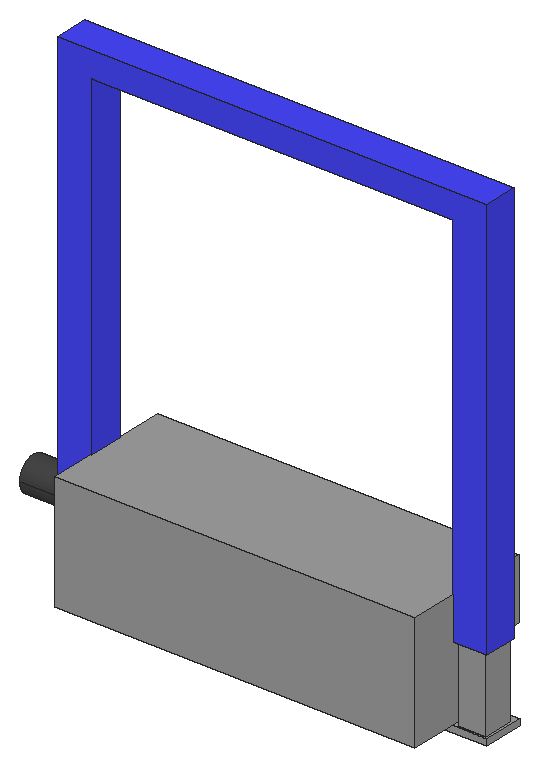
Revit family "Duş için Geberit Duofix elemanı, 50 cm, duvar süzgeci ile, girişte 65–90 mm şap yüksekliği için_PRO_135685", category Plumbing Fixtures, Revit 2018
Family settings
  Round Connector Dimension = Use Diameter
  Part Type = Normal
  OmniClass Number = 23.45.05.00
  OmniClass Title = Sanitary Equipment
  Work Plane-Based = No
  Always vertical = Yes
  Cut with Voids When Loaded = No
  Shared = No
  Room Calculation Point = Yes
Parameters (values of type "111.593.00.1 Duş için Geberit Duofix elemanı, 50 cm, duvar süzgeci ile, girişte 65–90 mm şap yüksekliği için")
  important_information [instance] = "Please consult scope of delivery for items to be ordered additionally"  # constant formula
  Warning [instance] = if(Thickness of finished floor > calc_SH, "max. height adjustment limited to 200", "-")  # "-"
  Type = ""
  Main material 04 = Geberit, PE-HD, Black
  Main material 03 = Geberit, Steel, galvanized
  Main material 02 = Geberit, Laminate, Ivory, Matte
  Main material 01 = Geberit, Steel, Paint Finish, Blue
  Main material = Geberit, Plastic, Opaque white
  H2 [instance] = 500 mm
  GEB_translations = "{\"ATT_10673\":\"EAN code basic data\",\"ATT_10753\":\"Drenaj kapasitesi\",\"ATT_10864\":\"Sifon yüksekliği\",\"applicationPurposes\":\"Application purposes\",\"application_range\":\"Application range\",\"brandName\":\"Brand\",\"characteristics\":\"Characteristics\",\"connection_description1\":\"Connection description 1\",\"GEB_connection_diameter1\":\"Connection diameter 1\",\"connection_type_c01\":\"Connection type at connection 01\",\"content_creator\":\"BIM Content creator\",\"content_date_changed\":\"BIM Content revision date\",\"content_version\":\"BIM Content Version\",\"key 1000\":\"Article number key\",\"name\":\"Name\",\"productBrand\":\"Product brand\",\"scopeOfDelivery\":\"Scope of delivery\",\"type\":\"Type\",\"angle\":\"Angle\",\"placement finished floor\":\"On Finished Floor Level\",\"surface height\":\"Thickness of finished floor\",\"warning\":\"Warning\",\"fixed_material\":\"Main material\",\"fixed_material_01\":\"Main material 01\",\"fixed_material_02\":\"Main material 02\",\"fixed_material_03\":\"Main material 03\",\"fixed_material_04\":\"Main material 04\"}"
  GEB_pimversion = "22.02.12"
  GEB_culture = "tr-TR"
  Connection diameter 1 = 40 mm  # constant formula
  Angle [instance] = 90.00°
  Scope of delivery = "PE-HD bağlantı manşonu, ø 40 mm\nEntegre giriş plakalı şablon kutusu kapağı\nSabitleme malzemesi"
  On Finished Floor Level [instance] = 1 = 1  # yes
  outlet_flow = 0.0 L/s
  Thickness of finished floor [instance] = 0 mm
  enabled [instance] = 1 = 1  # yes
  GEB_Article_Number [instance] = if(LOD300, "n/a", Article number key)  # "111.593.00.1"
  ATT_11289 = ""
  ATT_11288 = ""
  ATT_11287 = ""
  EAN code basic data = "4025416289050"
  frame_btm = 470 mm  # constant formula
  delta [instance] = if(On Finished Floor Level, 0 mm, calc_SH)  # 0 mm
  BIM Content Version = "GEB MG 1.5"  # constant formula
  BIM Content creator = "Geberit"  # constant formula
  cistern_width = 420 mm  # constant formula
  calc_height [instance] = if(not(On Finished Floor Level), H + calc_SH, if(H2 < 500 mm, 500 mm, if(H2 > 800 mm, 800 mm, H2)))  # 500 mm
  Application purposes = "Alçıpan yapılar için\nYarım veya oda yüksekliğinde Geberit Duofix sistem duvarlarına montaj için\nZemin seviyesindeki duşların drenajı için\nKompozit contalar için\nGirişte ≥ 65 mm şap yükseklikleri için"
  Waste Connection = 1 = 1  # yes
  Vent Connection = 0 = 1  # no
  BIM Content revision date = "2021.12.01"  # constant formula
  Connection type at connection 01 = "DN40/ø40 Spigot"  # constant formula
  Connection description 1 = "sanitary out"  # constant formula
  calc_floor_height_distance [instance] = if(not(On Finished Floor Level), 0 mm, if(Thickness of finished floor > 90 mm, 90 mm, if(Thickness of finished floor < 65 mm, 65 mm, Thickness of finished floor)))  # 65 mm
  calc_H1 [instance] = if(1 = 1, 500 mm - H1, 0 mm)  # 535 mm
  Application range = "sanitary systems"  # constant formula
  LOD400 = not(LOD300)  # yes
  LOD300 = no
  HW Connection = 0 = 1  # no
  H1 = -35 mm  # constant formula
  H = 500 mm  # constant formula
  GEB_use_DN = yes
  GEB_reference = "PRO_135685"  # constant formula
  GEB_processing_type = "T"  # constant formula
  GEB_metric_engineering = yes
  GEB_imperial_engineering = not(GEB_metric_engineering)  # no
  GEB_generic_manufacturer = "generic"
  GEB_generic_description = "concealed support frame for shower"
  D = 137 mm  # constant formula
  CW Connection = 1 = 0  # no
  Product brand = "Duofix"
  Sifon yüksekliği = "30 mm"
  calc_SH [instance] = if(Thickness of finished floor > 90 mm, 90 mm, if(Thickness of finished floor < 65 mm, 65 mm, Thickness of finished floor))  # 65 mm
  Model = if(LOD300, "-", Type)  # ""
  bend_angle_start [instance] = if(Angle > 90.00°, 90.00°, if(Angle < -90.00°, -90.00°, Angle))  # 90.00°
  bend_angle_end [instance] = bend_angle_start + 5.00°  # 95.00°
  Name = "Duş için Geberit Duofix elemanı, 50 cm, duvar süzgeci ile, girişte 65–90 mm şap yüksekliği için"
  Brand = "Geberit"
  Characteristics = "EN 1253'ün gerekliliklerinden farklı olarak, sifon yüksekliği sadece 30 mm'dir.\nToz boya kaplı, kendinden destekli çerçeve\nDönebilir ayak plakaları\nAyak plakası derinliği, U profil UW 50 ve Geberit Duofix sistem rayları montajına uygundur\nSifon giriş yüksekliği ayarlanabilir\nKaplama kalınlığı 10–40 mm\nKaro 2–26 mm karo yapıları için uygundur\nKaro 2–35 mm karo yapıları için uygundur\nGerilimsiz sızdırmazlık bağlantısı için ayarlanabilir sızdırmazlık seviyesi\nYan atık su bağlantısı\nÖnceden monte edilmiş izolasyon bezi\nSızdırmazlık sistemleri bağlantısı için 10 cm çevreleyen izolasyon bezi"
  Drenaj kapasitesi = "0.4 l/s"
  Article number key = "111.593.00.1"
  depth_min [instance] = 137 mm  # constant formula
  depth_max [instance] = 500 mm  # constant formula
  calc_depth [instance] = if(or(D < depth_min, D = depth_min), depth_min, if(and(D > depth_min, D < depth_max), D, if(or(D > depth_max, D = depth_max), depth_max, depth_max)))  # 137 mm
  W = 500 mm  # constant formula
  Type Comments = ""
  Manufacturer = if(LOD300, GEB_generic_manufacturer, Brand)  # "Geberit"
  cistern_front_offset = 20.5 mm  # constant formula
  IfcExportType = "USERDEFINED"
  IfcExportAs = "IfcSanitaryTerminal"
  IfcDescription = if(LOD300, GEB_generic_description, Name)  # "Duş için Geberit Duofix elemanı, 50 cm, duvar süzgeci ile, girişte 65–90 mm şap yüksekliği için"
  h1 = 504 mm  # constant formula
  Description = if(LOD300, GEB_generic_description, Name)  # "Duş için Geberit Duofix elemanı, 50 cm, duvar süzgeci ile, girişte 65–90 mm şap yüksekliği için"
Reference planes
  plane 1 "Center (Front/Back)": y = 0
  plane 2: z = 0
  plane 3 "Center (Left/Right)": x = 0
  plane 4 "Back": y = 137
  plane 5 "tank right": x = 210
  plane 6 "tank left": x = -210
  plane 7 "Top": z = 500
  plane 8: y = -150
  plane 9: y = 96.5
  plane 10 "Structural floor": z = -65
  plane 11 "Left": x = -250
  plane 12 "Right": x = 250
  plane 13 "panel plane": y = 20.5
  plane 14 "cw height": z = 470
  plane 15 "outlet plane": z = -35
  plane 16: x = -210
  plane 17: x = 210
  plane 18: y = -54
  plane 19: y = 137
  plane 20 "500": z = 500
Forms (mm)
  Revolve 1, solid, not visible, detail levels fine
    sketch origin (0, 0, 0) x (0, 1, 0) y (0, 0, 1)
      loop
        line (0, -35) -> (-12.5, -35) -> (-12.5, -60) -> (0, -60) -> (0, -35)
      axis (-12.5, -35) -> (0, -35)
    angle from 90 <- "bend_angle_start" to 95 <- "bend_angle_end"
  Extrusion 2, solid, material "Geberit, Steel, Paint Finish, Blue" <- "Main material 01", detail levels fine
    sketch origin (0, 0, 500) x (0, -1, 0) y (1, 0, 0)
      loop
        line (-40, -250) -> (0, -250) -> (0, -210) -> (-40, -210) -> (-40, -250)
      loop
        line (-40, 250) -> (-40, 210) -> (0, 210) -> (0, 250) -> (-40, 250)
    from -470 to 0
  Extrusion 3, solid, material "Geberit, Steel, galvanized" <- "Main material 03", detail levels fine
    sketch origin (0, 0, -65) x (0, -1, 0) y (1, 0, 0)
      loop
        line (-37.5, -247.5) -> (-2.5, -247.5) -> (-2.5, -215) -> (-37.5, -215) -> (-37.5, -247.5)
      loop
        line (-37.5, 247.5) -> (-37.5, 215) -> (-2.5, 215) -> (-2.5, 247.5) -> (-37.5, 247.5)
    from 8 to 195
  Extrusion 4, solid, material "Geberit, Steel, galvanized" <- "Main material 03", detail levels fine
    sketch origin (0, 0, -65) x (0, -1, 0) y (1, 0, 0)
      loop
        line (-48, -250) -> (0, -250) -> (0, -177) -> (-48, -177) -> (-48, -250)
      loop
        line (-48, 250) -> (-48, 177) -> (0, 177) -> (0, 250) -> (-48, 250)
    from 0 to 8
  Extrusion 5, solid, material "Geberit, Steel, Paint Finish, Blue" <- "Main material 01", detail levels fine
    sketch origin (0, 0, 500) x (0, -1, 0) y (1, 0, 0)
      loop
        line (-40, -250) -> (0, -250) -> (0, 250) -> (-40, 250) -> (-40, -250)
    from 0 to -30
  Extrusion 6, solid, detail levels coarse+medium
    sketch origin (0, 0, 0) x (1, 0, 0) y (0, 1, 0)
      loop
        line (-250, 137) -> (-250, 0) -> (250, 0) -> (250, 137) -> (-250, 137)
    from -65 to 500
  Extrusion 7, solid, material "Geberit, Steel, galvanized" <- "Main material 03", detail levels fine
    sketch origin (0, 0, 0) x (1, 0, 0) y (0, 0, 1)
      loop
        line (-210, 78.25) -> (-210, -57) -> (210, -57) -> (210, 78.25) -> (-210, 78.25)
    from -96.5 to 54
  Extrusion 8, void
    sketch origin (0, 96.5, 0) x (1, 0, 0) y (0, 0, 1)
      loop
        line (-210, 7.755) -> (-210, -62.74) -> (210, -62.74) -> (210, 7.755) -> (-210, 7.755)
    from 0 to 45
Cuts and joins
  joined: Extrusion 3, Extrusion 4
  joined: Extrusion 2, Extrusion 5
  Extrusion 8 cuts Extrusion 6
  Extrusion 8 cuts Extrusion 7
Lines and regions (mm)
  reference lines
    curve 1: line (0, 96.5, -35) -> (-355, 96.5, -35)
Dimensions and locks
  "calc_depth": plane 1 "Center (Front/Back)" to plane 4 "Back"
  equal spacing: plane 6 "tank left", plane 3 "Center (Left/Right)", plane 5 "tank right"
  "cistern_width": plane 6 "tank left" to plane 5 "tank right"
  "calc_height": plane 7 "Top" to level
  locked: Revolve 1 sketch curve to Revolve 1 sketch curve at 25
  locked: Revolve 1 sketch curve to Revolve 1 sketch curve at 12.5
  "calc_floor_height_distance": plane 2 to plane 10 "Structural floor"
  equal spacing: plane 11 "Left", plane 3 "Center (Left/Right)", plane 12 "Right"
  "W": plane 11 "Left" to plane 12 "Right"
  "cistern_front_offset": plane 1 "Center (Front/Back)" to plane 13 "panel plane"
  locked: Extrusion 2 sketch curve to Extrusion 2 sketch curve at 40  (x4)
  locked: plane 1 "Center (Front/Back)" to Extrusion 3 sketch curve at 2.5  (x2)
  locked: plane 11 "Left" to Extrusion 3 sketch curve at 35
  locked: Extrusion 3 sketch curve to Extrusion 3 sketch curve at 35  (x2)
  locked: Extrusion 3 sketch curve to plane 12 "Right" at 35
  locked: Extrusion 4 sketch curve to Extrusion 4 sketch curve at 48  (x2)
  locked: Extrusion 4 sketch curve to Extrusion 4 sketch curve at 73  (x2)
  locked: Extrusion 4 to plane 10 "Structural floor" at 8
  locked: Extrusion 5 sketch curve to Extrusion 5 sketch curve at 40
  locked: plane 11 "Left" to Extrusion 3 sketch curve at 2.5
  locked: Extrusion 3 sketch curve to plane 12 "Right" at 2.5
  locked: plane 2 to plane 15 "outlet plane" at 35
  "frame_btm": plane 7 "Top" to cut or joined group of Extrusion 2, Extrusion 5
  locked: plane 7 "Top" to plane 14 "cw height" at 30
  locked: plane 1 "Center (Front/Back)" to plane 9 at 96.5
  locked: plane 11 "Left" to plane 16 at 40
  locked: plane 17 to plane 12 "Right" at 40
  locked: Extrusion 7 sketch curve to plane 15 "outlet plane" at 113.25
  locked: plane 15 "outlet plane" to Extrusion 7 sketch curve at 22
  locked: plane 18 to plane 1 "Center (Front/Back)" at 54
  locked: curve 1 to curve 1 at 355
  "D": plane 19 to plane 1 "Center (Front/Back)"
  locked: plane 20 "500" to level at 500
  locked: cut or joined group of Extrusion 3, Extrusion 4 to cut or joined group of Extrusion 2, Extrusion 5 at 100
  aligned and locked: level to plane 2
  aligned and locked: plane 1 "Center (Front/Back)" to Revolve 1 sketch curve
  aligned and locked: Extrusion 2 sketch curve to plane 11 "Left"
  aligned and locked: plane 1 "Center (Front/Back)" to Extrusion 2 sketch curve
  aligned and locked: plane 12 "Right" to Extrusion 2 sketch curve
  aligned and locked: Extrusion 2 sketch curve to plane 1 "Center (Front/Back)"
  aligned and locked: Extrusion 4 sketch curve to plane 1 "Center (Front/Back)"
  aligned and locked: Extrusion 4 sketch curve to plane 12 "Right"
  aligned and locked: plane 11 "Left" to Extrusion 4 sketch curve
  aligned and locked: plane 10 "Structural floor" to Extrusion 4
  aligned and locked: Extrusion 5 sketch curve to cut or joined group of Extrusion 3, Extrusion 4
  aligned and locked: plane 11 "Left" to Extrusion 5 sketch curve
  aligned and locked: Extrusion 5 sketch curve to plane 12 "Right"
  aligned and locked: Extrusion 6 to plane 7 "Top"
  aligned and locked: plane 10 "Structural floor" to Extrusion 6
  aligned and locked: plane 14 "cw height" to cut or joined group of Extrusion 2, Extrusion 5
  aligned and locked: plane 16 to Extrusion 7 sketch curve
  aligned and locked: plane 17 to Extrusion 7 sketch curve
  aligned and locked: Extrusion 7 to plane 9
  aligned and locked: plane 18 to Extrusion 7
  aligned and locked: plane 3 "Center (Left/Right)" to curve 1
  aligned and locked: plane 15 "outlet plane" to curve 1
  aligned and locked: plane 19 to Extrusion 6
  aligned and locked: Extrusion 6 to plane 11 "Left"
  aligned and locked: plane 1 "Center (Front/Back)" to Extrusion 6
  aligned and locked: Extrusion 6 to plane 12 "Right"
  aligned and locked: cut or joined group of Extrusion 2, Extrusion 5 to plane 7 "Top"
  aligned and locked: Extrusion 2 to plane 7 "Top"
  aligned and locked: plane 9 to nested 1
Automatic sketch dimensions
  Revolve 1 sketch curve to plane 15 "outlet plane" = 0 mm  (x2)
  Revolve 1 sketch curve to plane 18 = 14.372 mm
  Revolve 1 sketch curve to plane 4 "Back" = 4.128 mm
  plane 1 "Center (Front/Back)" to Extrusion 4 sketch curve = 0 mm
  plane 1 "Center (Front/Back)" to Extrusion 6 sketch curve = 0 mm
  Extrusion 6 sketch curve to plane 11 "Left" = 0 mm
  Extrusion 6 sketch curve to plane 12 "Right" = 0 mm
  Extrusion 6 sketch curve to plane 9 = 40.5 mm
  plane 6 "tank left" to Extrusion 8 sketch curve = 0 mm
  Extrusion 8 sketch curve to plane 5 "tank right" = 0 mm
  Extrusion 8 sketch curve to plane 10 "Structural floor" = 2.26 mm
  level to Extrusion 8 sketch curve = 7.755 mm
Nested families
  nested 1: "shower_bend" at (0, 96.5, -35) x (0, 1, 0) z (0, 0, -1), material <- "Main material 04", type "std", detail levels fine
    with test yesno yes, material Geberit, PE-HD, Black, Do 40 mm
Connectors
  piping at (-355, 96.5, -35), diameter 40, driven by "outlet_flow", driven by "Connection diameter 1", driven by "Connection description 1"
    settings: on curve 1, index 2, connector inside diameter 609.6 mm, connector length 0 mm, flow factor 0, pipe flow 0.0 L/s, pressure drop 0.0 Pa, fitting loss kfactor 0, connector angle 0.00°, fixture units 0, engagement length 0 mm, angle of deflection 0.00°, flow configuration 1, flow direction 2, fitting loss method 0, system type 16, joint type 0, gender type 0, connector reference index -1, connector utility 0, adjustable connector no, is connector primary yes, connector description "sanitary out"
Definition of nested family "shower_bend"
  Parameters (values of type "std")
    test yesno [instance] = yes
    material [instance] = none
    Model = ""
    Manufacturer = "Geberit"  # constant formula
    Do [instance] = 50 mm
    Default Elevation = 1219.2 mm
  Reference planes
    plane 1 "Center (Front/Back)": y = 0
    plane 2: z = 0
    plane 3 "Center (Left/Right)": x = 0
    plane 4 "left": x = -122.5
    plane 5: x = -142.5
  Forms (mm)
    Sweep 1, solid, material <- "material", detail levels fine
      path origin (0, 0, 0) x (1, 0, 0) y (0, 1, 0)
        loop
          line (0, 355) -> (0, 256.199)
          arc (0, 256.199) -> (-0.24, 252.532) -> (-0.957, 248.927) r 28.1
          line (-0.957, 248.927) -> (-62.077, 20.827)
          arc (-62.077, 20.827) -> (-72.113, 5.807) -> (-89.219, 0) r 28.1
          line (-89.219, 0) -> (-122.5, 0)
      profile origin (0, 305.6, 0) x (1, 0, 0) y (0, 0, 1)
        loop
          circle (0, 0) r 25
  Dimensions and locks
    plane 4 "left" to plane 3 "Center (Left/Right)" = 122.5 mm
    plane 1 "Center (Front/Back)" to Sweep 1 sketch curve = 248.927 mm
    plane 1 "Center (Front/Back)" to Sweep 1 sketch curve = 355 mm
    locked: plane 5 to plane 4 "left" at 20
    "Do": diameter of Sweep 1 sketch curve
    aligned and locked: level to plane 2
  Automatic sketch dimensions
    plane 1 "Center (Front/Back)" to Sweep 1 sketch curve = 0 mm
    Sweep 1 sketch curve to plane 4 "left" = 0 mm
    Sweep 1 sketch curve to plane 3 "Center (Left/Right)" = 0 mm
    Sweep 1 sketch curve to plane 1 "Center (Front/Back)" = 20.827 mm
    Sweep 1 sketch curve to Sweep 1 sketch curve = 27.143 mm
    Sweep 1 sketch curve to plane 3 "Center (Left/Right)" = 28.1 mm
    Sweep 1 sketch curve to level = 0 mm
    profile plane to Sweep 1 sketch curve = 0 mm
